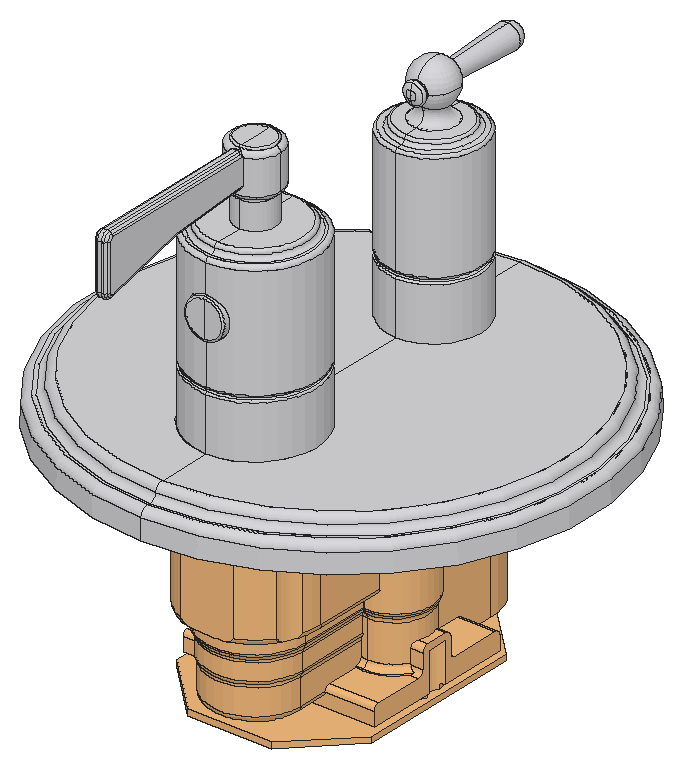
Revit family "Shower-Valve_Trim-KOHLER-MODULO-K-72817T_1", category Plumbing Fixtures, host Face, Revit 2017 (continued)
Definition of nested family "K-72817T"
  Lines and regions (in)
    symbolic lines, detail levels medium+fine
      curve 102: line (0, -0.72842, -3.02982) -> (0, -0.72842, -2.97463)
      curve 103: arc (0, 0.21649, -3.02982) -> (0, -0.00014, -3.01895) -> (0, -0.21677, -3.02982) r 2.16493
      curve 104: line (0, 0.1496, -2.95502) -> (0, 0.1496, -2.40384)
      curve 105: line (0, -0.14959, -2.40384) -> (0, 0.1496, -2.40384)
      curve 106: line (0, -0.14959, -2.40384) -> (0, -0.14959, -2.95502)
      curve 107: line (0, 1.12955, -2.7487) -> (0, 1.12955, -2.944)
      curve 108: line (0, 1.00921, -2.76811) -> (0, 1.00921, -2.93114)
      curve 109: line (0, 1.20799, -2.94922) -> (0, 1.20799, -2.74819)
      curve 110: line (0, 1.05201, -2.5922) -> (0, 1.01769, -2.5922)
      curve 111: line (0, 0.31639, -2.70275) -> (0, 0.77794, -2.70275)
      curve 112: line (0, 1.10162, -2.75985) -> (0, 1.10162, -2.93305)
      curve 113: line (0, 0.55594, -2.67089) -> (0, 0.7222, -2.67089)
      curve 114: line (0, 0.31635, -2.68552) -> (0, 0.72805, -2.68552)
      curve 115: arc (0, 1.08837, -2.71749) -> (0, 1.09823, -2.73766) -> (0, 1.10162, -2.75985) r 0.07432
      curve 116: arc (0, 1.08837, -2.68005) -> (0, 1.11847, -2.70867) -> (0, 1.12955, -2.7487) r 0.07781
      curve 117: line (0, 1.08837, -2.71749) -> (0, 1.08837, -2.63968)
      curve 118: arc (0, 1.08837, -2.63968) -> (0, 1.00406, -2.58689) -> (0, 0.90529, -2.57503) r 0.22793
      curve 119: arc (0, 0.7222, -2.63968) -> (0, 0.80652, -2.58689) -> (0, 0.90529, -2.57503) r 0.22793
      curve 120: line (0, 0.7222, -2.63968) -> (0, 1.08837, -2.63968)
      curve 121: line (0, 0.79288, -2.5922) -> (0, 0.47654, -2.5922)
      curve 122: line (0, 0.47758, -2.05107) -> (0, 0.47758, -2.59253)
      curve 123: line (0, 0.55399, -2.67089) -> (0, 0.55399, -2.05107)
      curve 124: arc (0, 0.47758, -2.59253) -> (0, 0.50053, -2.64794) -> (0, 0.55594, -2.67089) r 0.07836
      curve 125: arc (0, 0.55399, -2.05107) -> (0, 0.5875, -1.99179) -> (0, 0.60458, -1.92586) r 0.26163
      curve 126: line (0, 0.60458, -1.92586) -> (0, 0.60457, -1.23203)
      curve 127: line (0, 0.52781, -1.23203) -> (0, 0.52781, -1.92352)
      curve 128: arc (0, 0.52781, -1.92352) -> (0, 0.52488, -1.94446) -> (0, 0.51632, -1.96378) r 0.07629
      curve 129: arc (0, 0.51632, -1.96378) -> (0, 0.49393, -2.00609) -> (0, 0.47758, -2.05107) r 0.34663
      curve 130: arc (0, 0.60457, -1.23203) -> (0, 0.62695, -1.18783) -> (0, 0.63482, -1.13892) r 0.16096
      curve 131: arc (0, 0.53792, -1.19245) -> (0, 0.53038, -1.2116) -> (0, 0.52781, -1.23203) r 0.08249
      curve 132: arc (0, 0.5577, -1.13852) -> (0, 0.54982, -1.16622) -> (0, 0.53792, -1.19245) r 0.19357
      curve 133: line (0, 0.63482, -1.13892) -> (0, 0.63483, -0.91357)
      curve 134: line (0, 0.5577, -1.13852) -> (0, 0.5577, -0.91357)
      curve 135: arc (0, 0.5577, -0.91357) -> (0, 0.56056, -0.84816) -> (0, 0.5691, -0.78325) r 0.75046
      curve 136: arc (0, 0.63483, -0.91357) -> (0, 0.6384, -0.87317) -> (0, 0.64902, -0.83402) r 0.23011
      curve 137: line (0, -0.65204, -0.4349) -> (0, -2.38188, -0.4349)
      curve 138: line (0, -2.25413, -0.45502) -> (0, -0.67216, -0.45502)
      curve 139: arc (0, -0.77729, -0.50366) -> (0, -1.51572, -0.52398) -> (0, -2.25413, -0.50328) r 13.30041
      curve 140: arc (0, -0.91291, -0.59132) -> (0, -1.58626, -0.6031) -> (0, -2.25953, -0.58748) r 16.5561
      curve 141: arc (0, -2.25953, -0.58748) -> (0, -2.28904, -0.58294) -> (0, -2.31686, -0.57212) r 0.13706
      curve 142: arc (0, -0.69887, -0.57337) -> (0, -0.80539, -0.58829) -> (0, -0.91291, -0.59132) r 0.96942
      curve 143: line (0, -0.74318, -1.70673) -> (0, -0.74318, -0.60278)
      curve 144: line (0, -0.77925, -1.6262) -> (0, -0.77925, -0.68147)
      curve 145: line (0, -1.03176, -0.68147) -> (0, -1.03176, -1.6262)
      curve 146: line (0, -1.06784, -0.59646) -> (0, -1.06784, -1.70676)
      curve 147: line (0, -2.05986, -1.63017) -> (0, -2.05986, -0.67582)
      curve 148: line (0, -0.15924, -2.33967) -> (0, 0.15924, -2.33967)
      curve 149: line (0, -0.59707, -0.65974) -> (0, 0.5687, -0.65974)
      curve 150: line (0, 0.5212, -0.56176) -> (0, -0.52021, -0.56176)
      curve 151: line (0, 0.53191, -0.57247) -> (0, 0.53191, -0.64633)
      curve 152: line (0, 0.53191, -0.64633) -> (0, 0.50314, -0.65974)
      curve 153: arc (0, 1.63765, -0.91357) -> (0, 2.00992, -0.91289) -> (0, 2.38189, -0.89769) r 9.5377
      curve 154: line (0, 0.5577, -0.91357) -> (0, 1.63765, -0.91357)
      curve 155: arc (0, 0.47758, -2.59253) -> (0, 0.37713, -2.60147) -> (0, 0.2763, -2.60308) r 1.38505
      curve 156: line (0, 0.2763, -2.60308) -> (0, 0.2763, -2.39819)
      curve 157: arc (0, 0.13867, -2.2434) -> (0, 0.23993, -2.29195) -> (0, 0.2763, -2.39819) r 0.14525
      curve 158: arc (0, 0.13867, -2.2434) -> (0, 0.00637, -2.24498) -> (0, -0.12593, -2.24275) r 4.58935
      curve 159: line (0, -0.2763, -2.38849) -> (0, -0.2763, -2.60308)
      curve 160: arc (0, -0.12593, -2.24275) -> (0, -0.23197, -2.28378) -> (0, -0.2763, -2.38849) r 0.14581
      curve 161: arc (0, 1.20799, -2.74819) -> (0, 1.16231, -2.63789) -> (0, 1.05201, -2.5922) r 0.15598
      curve 162: arc (0, 1.00921, -2.7636) -> (0, 1.00007, -2.73669) -> (0, 0.97882, -2.71782) r 0.05558
      curve 163: line (0, 1.08837, -2.71782) -> (0, 0.7927, -2.71782)
      curve 164: arc (0, 0.72805, -2.68552) -> (0, 0.76418, -2.69404) -> (0, 0.7927, -2.71782) r 0.08087
      curve 165: line (0, 0.22165, -2.40208) -> (0, 0.22165, -2.60801)
      curve 166: arc (0, 0.15924, -2.33967) -> (0, 0.20337, -2.35795) -> (0, 0.22165, -2.40208) r 0.06241
      curve 167: arc (0, 0.22165, -2.60801) -> (0, 0.2494, -2.675) -> (0, 0.31639, -2.70275) r 0.09474
      curve 168: line (0, 0.23888, -2.39973) -> (0, 0.23888, -2.60805)
      curve 169: arc (0, 0.23888, -2.60805) -> (0, 0.26157, -2.66283) -> (0, 0.31635, -2.68552) r 0.07747
      curve 170: arc (0, 0.16292, -2.32207) -> (0, -0.00047, -2.32432) -> (0, -0.16385, -2.32203) r 5.87315
      curve 171: arc (0, 0.15919, -2.32217) -> (0, 0.2154, -2.34413) -> (0, 0.23888, -2.39973) r 0.07759
      curve 172: line (0, -0.1496, -2.95502) -> (0, -0.1496, -2.40384)
      curve 173: line (0, -1.12955, -2.7487) -> (0, -1.12955, -2.944)
      curve 174: line (0, -1.00921, -2.76811) -> (0, -1.00921, -2.93114)
      curve 175: line (0, -0.31639, -2.70275) -> (0, -0.77794, -2.70275)
      curve 176: line (0, -1.10162, -2.75985) -> (0, -1.10162, -2.93305)
      curve 177: line (0, -0.55399, -2.67089) -> (0, -0.7222, -2.67089)
      curve 178: line (0, -0.31635, -2.68552) -> (0, -0.72805, -2.68552)
      curve 179: arc (0, -1.08837, -2.71749) -> (0, -1.09823, -2.73766) -> (0, -1.10162, -2.75985) r 0.07432
      curve 180: arc (0, -1.08837, -2.68005) -> (0, -1.11847, -2.70867) -> (0, -1.12955, -2.7487) r 0.07781
      curve 181: line (0, -1.08837, -2.71749) -> (0, -1.08837, -2.63968)
      curve 182: arc (0, -1.08837, -2.63968) -> (0, -1.00406, -2.58689) -> (0, -0.90529, -2.57503) r 0.22793
      curve 183: arc (0, -0.7222, -2.63968) -> (0, -0.80652, -2.58689) -> (0, -0.90529, -2.57503) r 0.22793
      curve 184: line (0, -0.7222, -2.63968) -> (0, -1.08837, -2.63968)
      curve 185: arc (0, -0.46893, -2.59359) -> (0, -0.37278, -2.60169) -> (0, -0.2763, -2.60308) r 1.38505
      curve 186: arc (0, -0.13867, -2.2434) -> (0, -0.23996, -2.29199) -> (0, -0.2763, -2.3983) r 0.14525
      curve 187: arc (0, -1.00921, -2.7636) -> (0, -1.00007, -2.73669) -> (0, -0.97882, -2.71782) r 0.05558
      curve 188: line (0, -1.08837, -2.71782) -> (0, -0.7927, -2.71782)
      curve 189: arc (0, -0.72805, -2.68552) -> (0, -0.76418, -2.69404) -> (0, -0.7927, -2.71782) r 0.08087
      curve 190: line (0, -0.22165, -2.40208) -> (0, -0.22165, -2.60801)
      curve 191: arc (0, -0.15924, -2.33967) -> (0, -0.20337, -2.35795) -> (0, -0.22165, -2.40208) r 0.06241
      curve 192: arc (0, -0.22165, -2.60801) -> (0, -0.2494, -2.675) -> (0, -0.31639, -2.70275) r 0.09474
      curve 193: line (0, -0.23888, -2.39973) -> (0, -0.23888, -2.60805)
      curve 194: arc (0, -0.23888, -2.60805) -> (0, -0.26157, -2.66283) -> (0, -0.31635, -2.68552) r 0.07747
      curve 195: arc (0, -0.15919, -2.32217) -> (0, -0.2154, -2.34413) -> (0, -0.23888, -2.39973) r 0.07759
      curve 196: line (0, 0.7222, -2.63968) -> (0, 0.7222, -2.68552)
      curve 197: line (0, -0.7222, -2.63968) -> (0, -0.7222, -2.68552)
      curve 198: line (0, -0.57563, -2.38556) -> (0, -2.15565, -2.38556)
      curve 199: line (0, -2.1661, -2.34619) -> (0, -0.56431, -2.34619)
      curve 200: line (0, -0.57413, -2.33159) -> (0, -2.17332, -2.33159)
      curve 201: line (0, -2.18565, -2.29222) -> (0, -0.57304, -2.29222)
      curve 202: line (0, -2.18565, -2.05108) -> (0, 0.55399, -2.05108)
      curve 203: line (0, -2.19617, -2.01155) -> (0, -0.57217, -2.01155)
      curve 204: line (0, -2.2256, -1.96285) -> (0, -0.59754, -1.96285)
      curve 205: line (0, -2.23448, -1.92348) -> (0, 0.60458, -1.92348)
      curve 206: line (0, -0.61814, -1.78549) -> (0, -1.51574, -1.78549)
      curve 207: line (0, -0.61635, -1.70672) -> (0, -1.51574, -1.7068)
      curve 208: line (0, -0.5288, -1.96285) -> (0, 0.51689, -1.96285)
      curve 209: line (0, -0.50072, -2.01163) -> (0, 0.49153, -2.01163)
      curve 210: arc (0, -0.5288, -1.96285) -> (0, -0.56317, -1.95415) -> (0, -0.59754, -1.96285) r 0.0722
      curve 211: arc (0, -0.5051, -2.01172) -> (0, -0.53862, -2.00462) -> (0, -0.57217, -2.01155) r 0.08369
      curve 212: line (0, -1.51574, -2.8369) -> (0, -1.23592, -2.8369)
      curve 213: line (0, -1.22293, -2.75821) -> (0, -1.51574, -2.75821)
      curve 214: arc (0, -1.51574, -2.75821) -> (0, -1.83603, -2.76338) -> (0, -2.15598, -2.77888) r 9.92824
      curve 215: arc (0, -2.07676, -2.85659) -> (0, -1.79643, -2.84183) -> (0, -1.51574, -2.8369) r 8.0033
      curve 216: line (0, -0.59707, -1.13843) -> (0, -0.59707, -0.65974)
      curve 217: line (0, -0.5648, -1.23813) -> (0, -0.56481, -1.6262)
      curve 218: line (0, -0.49308, -1.6262) -> (0, -0.49308, -1.22359)
      curve 219: arc (0, -0.53928, -1.78483) -> (0, -0.50487, -1.70881) -> (0, -0.49308, -1.6262) r 0.29549
      curve 220: arc (0, -0.56481, -1.6262) -> (0, -0.57928, -1.67443) -> (0, -0.61793, -1.70672) r 0.08758
      curve 221: line (0, -0.53928, -1.92348) -> (0, -0.53928, -1.78378)
      curve 222: line (0, -0.61814, -1.78549) -> (0, -0.61814, -1.92348)
      curve 223: arc (0, -0.53928, -1.78378) -> (0, -0.56185, -1.72928) -> (0, -0.61635, -1.70672) r 0.07706
      curve 224: line (0, -0.49308, -1.6262) -> (0, -1.78803, -1.6262)
      curve 225: arc (0, -2.05986, -1.63017) -> (0, -2.21537, -1.63611) -> (0, -2.37076, -1.64473) r 9.05727
      curve 226: line (0, -1.78803, -1.6262) -> (0, -1.78803, -0.67582)
      curve 227: arc (0, -1.78803, -0.67582) -> (0, -1.8076, -0.62858) -> (0, -1.85484, -0.60902) r 0.06681
      curve 228: arc (0, -1.85484, -0.60902) -> (0, -1.9161, -0.60383) -> (0, -1.97736, -0.60902) r 0.36422
      curve 229: arc (0, -1.97736, -0.60902) -> (0, -2.03058, -0.62764) -> (0, -2.05986, -0.67582) r 0.08356
      curve 230: arc (0, -1.78803, -1.63017) -> (0, -1.8076, -1.67741) -> (0, -1.85484, -1.69698) r 0.06681
      curve 231: arc (0, -1.85484, -1.69698) -> (0, -1.9161, -1.70216) -> (0, -1.97736, -1.69698) r 0.36422
      curve 232: arc (0, -1.97736, -1.69698) -> (0, -2.03058, -1.67835) -> (0, -2.05986, -1.63017) r 0.08356
      curve 233: line (0, -0.52474, -1.13843) -> (0, -0.52474, -0.68269)
      curve 234: arc (0, -1.03176, -1.6262) -> (0, -1.04069, -1.66997) -> (0, -1.06605, -1.70676) r 0.1118
      curve 235: arc (0, -0.74318, -1.70673) -> (0, -0.76982, -1.67032) -> (0, -0.77925, -1.6262) r 0.10793
      curve 236: arc (0, -1.06784, -0.60278) -> (0, -1.04121, -0.63819) -> (0, -1.03176, -0.68147) r 0.10387
      curve 237: arc (0, -0.77925, -0.68147) -> (0, -0.76981, -0.63819) -> (0, -0.74318, -0.60278) r 0.10387
      curve 238: line (0, 0.63482, -1.13843) -> (0, -0.59707, -1.13843)
      curve 239: line (0, 0.6137, -1.2178) -> (0, 0.54482, -1.17854)
      curve 240: line (0, 0.54525, -1.17756) -> (0, -0.5101, -1.17756)
      curve 241: arc (0, -0.5648, -1.23813) -> (0, -0.59057, -1.19145) -> (0, -0.59967, -1.13892) r 0.16096
      curve 242: arc (0, -0.50277, -1.19245) -> (0, -0.49637, -1.20754) -> (0, -0.49308, -1.22359) r 0.08249
      curve 243: arc (0, -0.52256, -1.13843) -> (0, -0.51468, -1.16618) -> (0, -0.50277, -1.19245) r 0.19357
      curve 244: line (0, -0.57854, -1.2178) -> (0, -0.50966, -1.17854)
      curve 245: line (0, 0.60457, -1.23203) -> (0, -0.56682, -1.23203)
      curve 246: line (0, 0.60457, -1.23203) -> (0, 0.53792, -1.19245)
      curve 247: line (0, 0.53792, -1.19245) -> (0, -0.50277, -1.19245)
      curve 248: line (0, -0.50277, -1.19245) -> (0, -0.56682, -1.23203)
      curve 249: arc (0, 0.55399, -2.67089) -> (0, 0.43763, -2.67941) -> (0, 0.32101, -2.68258) r 2.53753
      curve 250: line (0, 0.24182, -2.39881) -> (0, 0.24182, -2.60372)
      curve 251: arc (0, 0.32101, -2.68258) -> (0, 0.26503, -2.65959) -> (0, 0.24182, -2.60372) r 0.07886
      curve 252: arc (0, -0.55399, -2.67089) -> (0, -0.43763, -2.67941) -> (0, -0.32101, -2.68258) r 2.53753
      curve 253: line (0, -0.24182, -2.39785) -> (0, -0.24182, -2.60372)
      curve 254: arc (0, -0.32101, -2.68258) -> (0, -0.26503, -2.65959) -> (0, -0.24182, -2.60372) r 0.07886
      curve 255: arc (0, 0.16292, -2.32207) -> (0, 0.21858, -2.34378) -> (0, 0.24182, -2.39881) r 0.07678
      curve 256: arc (0, -0.16385, -2.32203) -> (0, -0.21885, -2.34348) -> (0, -0.24182, -2.39785) r 0.07585
      curve 257: arc (0, 0.15919, -2.32217) -> (0, 0.14717, -2.30569) -> (0, 0.14227, -2.28589) r 0.05299
      curve 258: arc (0, 0.14227, -2.28589) -> (0, 0.13946, -2.26473) -> (0, 0.13867, -2.2434) r 0.22339
      curve 259: arc (0, 0.12871, -2.32292) -> (0, 0.11611, -2.30619) -> (0, 0.11097, -2.28589) r 0.05299
      curve 260: arc (0, 0.11097, -2.28589) -> (0, 0.10819, -2.26509) -> (0, 0.10737, -2.24412) r 0.22339
      curve 261: arc (0, -0.15919, -2.32217) -> (0, -0.14717, -2.30569) -> (0, -0.14227, -2.28589) r 0.05299
      curve 262: arc (0, -0.14227, -2.28589) -> (0, -0.13946, -2.26473) -> (0, -0.13867, -2.2434) r 0.22339
      curve 263: arc (0, -0.12871, -2.32291) -> (0, -0.11611, -2.30619) -> (0, -0.11097, -2.28589) r 0.05299
      curve 264: arc (0, -0.11097, -2.28589) -> (0, -0.10815, -2.26468) -> (0, -0.10738, -2.24329) r 0.22339
      curve 265: line (0, 2.0541, -2.95294) -> (0, 2.0541, -1.77391)
      curve 266: line (0, 1.82066, -2.94991) -> (0, 1.82066, -1.77391)
      curve 267: line (0, 1.82066, -1.77391) -> (0, 2.0541, -1.77391)
      curve 268: line (0, 1.23878, -0.8684) -> (0, 2.32257, -0.8684)
      curve 269: arc (0, 1.23878, -0.8684) -> (0, 1.18949, -0.84459) -> (0, 1.1356, -0.83488) r 0.20203
      curve 270: arc (0, 1.1356, -0.83488) -> (0, 1.06656, -0.83201) -> (0, 0.9975, -0.82924) r 45.25604
      curve 271: line (0, 0.5687, -0.74196) -> (0, 0.5687, -0.65974)
      curve 272: line (0, 0.57489, -0.75619) -> (0, 0.63249, -0.7332)
      curve 273: line (0, 0.5687, -0.67954) -> (0, 0.63249, -0.65407)
      curve 274: line (0, 0.71093, -0.81189) -> (0, 0.6541, -0.83457)
      curve 275: line (0, 0.66161, -0.83488) -> (0, 1.1356, -0.83488)
      curve 276: arc (0, 0.5687, -0.74196) -> (0, 0.59591, -0.80766) -> (0, 0.66161, -0.83488) r 0.09291
      curve 277: line (0, -0.59707, -0.68149) -> (0, -0.77944, -0.68149)
      curve 278: line (0, -0.77944, -0.68149) -> (0, -1.02944, -0.68149)
      curve 279: line (0, -1.02944, -0.68149) -> (0, -1.78803, -0.68149)
      curve 280: arc (0, -2.35195, -0.66456) -> (0, -2.20595, -0.67137) -> (0, -2.05986, -0.67582) r 9.08051
      curve 281: arc (0, -2.35195, -0.66456) -> (0, -2.36959, -0.66211) -> (0, -2.38188, -0.64922) r 0.02706
      curve 282: line (0, -0.53182, -0.57337) -> (0, -0.53182, -0.63761)
      curve 283: line (0, -0.50969, -0.65974) -> (0, -0.53182, -0.63761)
      curve 284: arc (0, -0.52474, -0.68269) -> (0, -0.5236, -0.67099) -> (0, -0.52021, -0.65974) r 0.06033
      curve 285: arc (0, 0.5687, -0.67954) -> (0, -0.01419, -0.684) -> (0, -0.59707, -0.67954) r 38.01423
      curve 286: line (0, -0.57304, -2.05108) -> (0, -0.57304, -2.29222)
      curve 287: line (0, -0.57563, -2.58723) -> (0, -0.57563, -2.38556)
      curve 288: line (0, -0.57563, -2.38556) -> (0, -0.57304, -2.29222)
      curve 289: line (0, -0.49719, -2.58723) -> (0, -0.49719, -2.38556)
      curve 290: line (0, -0.4946, -2.29222) -> (0, -0.4946, -2.05108)
      curve 291: arc (0, -0.56431, -2.34619) -> (0, -0.5254, -2.35676) -> (0, -0.49719, -2.38556) r 0.07691
      curve 292: arc (0, -0.49644, -2.37097) -> (0, -0.53058, -2.342) -> (0, -0.57413, -2.33159) r 0.09633
      curve 293: arc (0, -0.57304, -2.29222) -> (0, -0.53231, -2.28622) -> (0, -0.49464, -2.30285) r 0.07425
      curve 294: arc (0, -0.49719, -2.38556) -> (0, -0.49525, -2.33891) -> (0, -0.4946, -2.29222) r 1.68756
      curve 295: line (0, -0.7222, -2.66505) -> (0, -0.57501, -2.66505)
      curve 296: arc (0, -0.57501, -2.66505) -> (0, -0.51998, -2.64226) -> (0, -0.49719, -2.58723) r 0.07783
      curve 297: line (0, -0.49719, -2.58723) -> (0, -0.80557, -2.58723)
      curve 298: line (0, -1.06502, -2.58636) -> (0, -1.00254, -2.58636)
      curve 299: arc (0, -1.06502, -2.58636) -> (0, -1.17646, -2.63252) -> (0, -1.22262, -2.74396) r 0.1576
      curve 300: arc (0, -1.22262, -2.74396) -> (0, -1.22596, -2.79091) -> (0, -1.23592, -2.8369) r 0.33149
      curve 301: arc (0, -1.08837, -2.66893) -> (0, -1.12916, -2.69654) -> (0, -1.14445, -2.74335) r 0.07597
      curve 302: arc (0, -1.14445, -2.74335) -> (0, -1.14709, -2.82977) -> (0, -1.15748, -2.9156) r 0.96176
      curve 303: arc (0, -1.15748, -2.9156) -> (0, -1.18058, -2.85982) -> (0, -1.23636, -2.83672) r 0.07888
      curve 304: line (0, -1.15748, -2.9156) -> (0, -1.20644, -2.93538)
      curve 305: line (0, -1.23592, -2.8369) -> (0, -1.28524, -2.85659)
      curve 306: arc (0, 1.00921, -2.93114) -> (0, 1.00222, -2.94802) -> (0, 0.98533, -2.95502) r 0.02388
      curve 307: arc (0, 1.20799, -2.94922) -> (0, 1.15355, -2.94936) -> (0, 1.10162, -2.93305) r 0.17806
      curve 308: line (0, 1.00921, -2.93114) -> (0, 1.10162, -2.93305)
      curve 309: line (0, 1.20799, -2.74819) -> (0, 1.13073, -2.74819)
      curve 310: line (0, 1.13073, -2.74819) -> (0, 1.10162, -2.75985)
      curve 311: line (0, -1.00921, -2.93114) -> (0, -1.10162, -2.93305)
      curve 312: line (0, -1.22362, -2.7433) -> (0, -1.14292, -2.7433)
      curve 313: line (0, -1.14292, -2.7433) -> (0, -1.10162, -2.75985)
      curve 314: line (0, -1.06551, -2.61991) -> (0, -1.06551, -2.58661)
      curve 315: arc (0, 0.78516, -2.95502) -> (0, 0.74775, -2.99242) -> (0, 0.78516, -3.02982) r 0.0374
      curve 316: arc (0, -0.78516, -2.95502) -> (0, -0.74775, -2.99242) -> (0, -0.78516, -3.02982) r 0.0374
      curve 317: line (0, -0.49719, -2.58723) -> (0, -0.46893, -2.59359)
      curve 318: line (0, 1.63777, -2.94922) -> (0, 1.63777, -0.8684)
      curve 319: line (0, -0.62174, -0.60278) -> (0, -0.74318, -0.60278)
      curve 320: arc (0, -0.59707, -0.65974) -> (0, -0.60646, -0.62999) -> (0, -0.62174, -0.60278) r 0.15154
      curve 321: line (0, -0.74318, -0.60278) -> (0, -1.51884, -0.60278)
      curve 322: arc (0, -1.51574, -1.7068) -> (0, -1.90554, -1.71068) -> (0, -2.29517, -1.72226) r 19.7451
      curve 323: arc (0, -1.51574, -1.78549) -> (0, -1.87533, -1.79206) -> (0, -2.23443, -1.81177) r 9.84117
      curve 324: line (0, -2.37076, -1.64473) -> (0, -2.37076, -0.66147)
      curve 325: line (0, -2.35195, -1.64311) -> (0, -2.35195, -0.66456)
      curve 326: arc (0, -2.28515, -1.72187) -> (0, -2.333, -1.69475) -> (0, -2.35195, -1.64311) r 0.07983
      curve 327: arc (0, -2.28515, -1.72187) -> (0, -2.34512, -1.70235) -> (0, -2.37076, -1.64473) r 0.07756
      curve 328: arc (0, -2.29517, -1.72226) -> (0, -2.3144, -1.72424) -> (0, -2.33322, -1.7286) r 0.15427
      curve 329: line (0.66957, 0, 0) -> (0.66957, 0, -0.75029)
      curve 330: line (1.27167, 0, -0.56156) -> (0.66957, 0, -0.56156)
      curve 331: line (0.66957, 0, -0.57221) -> (1.28232, 0, -0.57221)
      curve 332: line (0.66957, 0, -0.63682) -> (1.28206, 0, -0.63682)
      curve 333: line (0.66957, 0, -0.64792) -> (1.28206, 0, -0.64792)
      curve 334: line (0.66957, 0, -0.65925) -> (1.28206, 0, -0.65925)
      curve 335: line (0.79878, 0, -0.68497) -> (1.31921, 0, -0.68497)
      curve 336: arc (0.66957, 0, -0.68046) -> (0.73413, 0, -0.68384) -> (0.79878, 0, -0.68497) r 1.85232
      curve 337: line (0.79878, 0, -0.7747) -> (0.79878, 0, -0.65925)
      curve 338: line (0.71533, 0, -0.75029) -> (0.00027, 0, -0.75029)
      curve 339: line (0.87016, 0, -0.90512) -> (0.87016, 0, -1.19271)
      curve 340: arc (0.87016, 0, -0.90512) -> (0.82481, 0, -0.79564) -> (0.71533, 0, -0.75029) r 0.15483
      curve 341: line (0.72951, 0, -0.83455) -> (0.00028, 0, -0.83455)
      curve 342: line (0.80808, 0, -2.95198) -> (0.80808, 0, -0.91312)
      curve 343: arc (0.80808, 0, -0.91312) -> (0.78507, 0, -0.85756) -> (0.72951, 0, -0.83455) r 0.07857
      curve 344: line (0.65034, 0, -0.83455) -> (0.65034, 0, -0.75029)
      curve 345: line (0.80808, 0, -0.91312) -> (0.29981, 0, -0.89537)
      curve 346: line (0.80808, 0, -0.91312) -> (0.87016, 0, -0.91312)
      curve 347: arc (0.7661, 0, -0.84359) -> (0.78221, 0, -0.8092) -> (0.80154, 0, -0.77651) r 0.39647
      curve 348: arc (0.7321, 0, -0.83459) -> (0.72753, 0, -0.79549) -> (0.7321, 0, -0.75639) r 0.16948
      curve 349: line (0.24757, 0, -0.86846) -> (0.79416, 0, -0.86846)
      curve 350: line (0.30326, 0, -2.44776) -> (0.30326, 0, -0.92298)
      curve 351: arc (0.30326, 0, -0.92298) -> (0.29967, 0, -0.89482) -> (0.28913, 0, -0.86846) r 0.11222
      curve 352: arc (0.30326, 0, -0.92298) -> (0.28192, 0, -0.89053) -> (0.24948, 0, -0.8692) r 0.09596
      curve 353: arc (0.24948, 0, -0.8692) -> (0.12596, 0, -0.84393) -> (0, 0, -0.83856) r 0.7927
      curve 354: line (0.30326, 0, -1.19237) -> (0.39185, 0, -1.19237)
      curve 355: line (0.39185, 0, -1.19237) -> (0.39185, 0, -2.44983)
      curve 356: line (1.3185, 0, -1.13838) -> (0.80808, 0, -1.13838)
      curve 357: line (1.30848, 0, -1.17752) -> (0.87156, 0, -1.17752)
      curve 358: arc (0.87156, 0, -1.17752) -> (0.8353, 0, -1.18686) -> (0.80808, 0, -1.21257) r 0.07501
      curve 359: line (1.30095, 0, -1.19271) -> (0.87131, 0, -1.19271)
      curve 360: arc (0.87131, 0, -1.19271) -> (0.83409, 0, -1.20333) -> (0.80808, 0, -1.23199) r 0.07053
      curve 361: line (1.28952, 0, -1.23199) -> (0.80808, 0, -1.23199)
      curve 362: line (1.28952, 0, -1.92352) -> (0.80808, 0, -1.92352)
      curve 363: line (1.27918, 0, -1.96285) -> (0.87111, 0, -1.96285)
      curve 364: arc (0.87111, 0, -1.96285) -> (0.83481, 0, -1.97249) -> (0.80808, 0, -1.99887) r 0.07316
      curve 365: line (1.25152, 0, -2.01172) -> (0.87153, 0, -2.01172)
      curve 366: arc (0.87153, 0, -2.01172) -> (0.8342, 0, -2.02236) -> (0.80808, 0, -2.05107) r 0.07084
      curve 367: line (1.24173, 0, -2.05107) -> (0.80808, 0, -2.05107)
      curve 368: line (1.21867, 0, -2.39825) -> (1.21867, 0, -2.57595)
      curve 369: line (1.15626, 0, -2.39825) -> (1.15626, 0, -2.57438)
      curve 370: arc (1.30295, 0, -2.3225) -> (1.24393, 0, -2.34159) -> (1.21867, 0, -2.39825) r 0.07618
      curve 371: arc (1.19816, 0, -2.25905) -> (1.16696, 0, -2.32557) -> (1.15626, 0, -2.39825) r 0.25221
      curve 372: arc (1.24095, 0, -2.24522) -> (1.21713, 0, -2.24465) -> (1.19816, 0, -2.25905) r 0.03606
      curve 373: arc (1.34455, 0, -2.63968) -> (1.26221, 0, -2.58672) -> (1.165, 0, -2.57509) r 0.21814
      curve 374: arc (1.165, 0, -2.57509) -> (1.0648, 0, -2.58686) -> (0.97885, 0, -2.63968) r 0.23428
      curve 375: line (1.34455, 0, -2.63968) -> (0.97885, 0, -2.63968)
      curve 376: line (1.34455, 0, -2.63968) -> (1.34455, 0, -2.68534)
      curve 377: line (1.34455, 0, -2.68534) -> (1.01549, 0, -2.68534)
      curve 378: line (0.97885, 0, -2.63968) -> (0.97885, 0, -2.67426)
      curve 379: line (1.30295, 0, -2.60689) -> (1.30295, 0, -2.4012)
      curve 380: line (1.21867, 0, -2.39825) -> (1.30295, 0, -2.4012)
      curve 381: line (1.30295, 0, -2.4012) -> (1.34814, 0, -2.4012)
      curve 382: line (1.30295, 0, -2.4012) -> (1.30295, 0, -2.3225)
      curve 383: line (1.34814, 0, -2.60689) -> (1.30295, 0, -2.60689)
      curve 384: line (1.34814, 0, -2.71886) -> (1.05381, 0, -2.71886)
      curve 385: arc (1.05381, 0, -2.71886) -> (1.02114, 0, -2.68847) -> (0.97885, 0, -2.67426) r 0.10572
      curve 386: line (1.34814, 0, -2.76366) -> (0.87779, 0, -2.74723)
      curve 387: line (0.87779, 0, -2.74723) -> (0.80808, 0, -2.74723)
      curve 388: line (0.97885, 0, -2.67426) -> (0.8844, 0, -2.67426)
      curve 389: line (1.03581, 0, -2.59916) -> (0.86781, 0, -2.59226)
      curve 390: line (0.86781, 0, -2.59226) -> (0.80808, 0, -2.59226)
      curve 391: line (1.19925, 0, -2.71886) -> (1.19925, 0, -2.95502)
      curve 392: line (1.34814, 0, -2.92996) -> (0.87996, 0, -2.94426)
      curve 393: arc (0.87996, 0, -2.94426) -> (0.84387, 0, -2.94675) -> (0.80808, 0, -2.95198) r 0.47289
      curve 394: line (1.28446, 0, -2.95502) -> (0, 0, -2.95502)
      curve 395: arc (0.8802, 0, -2.95502) -> (0.84411, 0, -2.95426) -> (0.80808, 0, -2.95198) r 0.85909
      curve 396: arc (0.23315, 0, -1.23199) -> (0.11686, 0, -1.24431) -> (0, 0, -1.24843) r 1.6636
      curve 397: arc (0.30326, 0, -1.19237) -> (0.27195, 0, -1.21881) -> (0.23315, 0, -1.23199) r 0.11029
      curve 398: arc (0.23315, 0, -1.23199) -> (0.31467, 0, -1.22087) -> (0.39185, 0, -1.19237) r 0.3779
      curve 399: line (0.39185, 0, -1.19237) -> (0.35646, 0, -1.23199)
      curve 400: arc (0.19256, 0, -1.27339) -> (0.27701, 0, -1.26259) -> (0.35646, 0, -1.23199) r 0.35509
      curve 401: arc (0, 0, -1.28191) -> (0.0962, 0, -1.27585) -> (0.19256, 0, -1.27339) r 2.58955
      curve 402: line (0.01473, 0, -2.46202) -> (0.01473, 0, -1.28075)
      curve 403: line (0, 0, -2.4625) -> (0.52453, 0, -2.44554)
      curve 404: line (0, 0, -2.50236) -> (0.35646, 0, -2.48991)
      curve 405: arc (0.35646, 0, -2.48991) -> (0.44298, 0, -2.47714) -> (0.52453, 0, -2.44554) r 0.39263
      curve 406: line (0.35646, 0, -2.52926) -> (0, 0, -2.5417)
      curve 407: arc (0.52453, 0, -2.44554) -> (0.44957, 0, -2.50563) -> (0.35646, 0, -2.52926) r 0.22658
      curve 408: line (0.47327, 0, -2.95502) -> (0.47327, 0, -2.49198)
      curve 409: line (1.0074, 0, -2.97472) -> (0.39821, 0, -2.97472)
      curve 410: arc (0.39821, 0, -2.97472) -> (0.38519, 0, -2.97144) -> (0.37529, 0, -2.96239) r 0.02747
      curve 411: line (0, 0, -2.97436) -> (0.3506, 0, -2.97436)
      curve 412: arc (0.3506, 0, -2.97436) -> (0.36804, 0, -2.96908) -> (0.37962, 0, -2.95502) r 0.03144
      curve 413: line (0.53248, 0, -3.02982) -> (0.53248, 0, -2.97472)
      curve 414: line (0.59154, 0, -3.02982) -> (0.59154, 0, -3.10862)
      curve 415: line (0.21775, 0, -3.02982) -> (0.21775, 0, -2.97436)
      curve 416: line (1.28952, 0, -3.02982) -> (0, 0, -3.02982)
      curve 417: line (0.96522, 0, -2.97472) -> (0.96522, 0, -3.01926)
      curve 418: line (0.96522, 0, -3.01926) -> (0.68851, 0, -3.02982)
      curve 419: arc (0.8844, 0, -2.67426) -> (0.82839, 0, -2.64988) -> (0.80808, 0, -2.59226) r 0.07652
      curve 420: line (0.78616, 0, -2.94997) -> (0.78616, 0, -1.77398)
      curve 421: line (0.68997, 0, -1.77398) -> (0.78616, 0, -1.77398)
      curve 422: line (0.68997, 0, -1.77398) -> (0.68997, 0, -2.95502)
      curve 423: line (0.52453, 0, -2.95502) -> (0.52453, 0, -2.44554)
      curve 424: line (0.87131, 0, -1.19271) -> (0.86932, 0, -1.23199)
      curve 425: line (0.86932, 0, -1.23199) -> (0.86932, 0, -1.92359)
      curve 426: line (0.86781, 0, -2.05113) -> (0.86781, 0, -2.59226)
      curve 427: line (0.86781, 0, -2.05113) -> (0.87033, 0, -2.01188)
      curve 428: line (0.87033, 0, -2.01188) -> (0.87033, 0, -1.96283)
      curve 429: line (0.87033, 0, -1.96283) -> (0.86932, 0, -1.92359)
      curve 430: arc (0.86781, 0, -2.59226) -> (0.872, 0, -2.63409) -> (0.8844, 0, -2.67426) r 0.211
      curve 431: line (-0.66957, 0, 0) -> (-0.66957, 0, -0.75029)
      curve 432: line (-1.2707, 0, -0.56156) -> (-0.66957, 0, -0.56156)
      curve 433: line (-0.66957, 0, -0.57221) -> (-1.28135, 0, -0.57221)
      curve 434: line (-0.66957, 0, -0.63682) -> (-1.28133, 0, -0.63682)
      curve 435: line (-0.66957, 0, -0.64792) -> (-1.28133, 0, -0.64792)
      curve 436: line (-0.66957, 0, -0.65925) -> (-1.28133, 0, -0.65925)
      curve 437: line (-0.80464, 0, -0.68497) -> (-1.3185, 0, -0.68497)
      curve 438: arc (-0.66957, 0, -0.68004) -> (-0.73706, 0, -0.68373) -> (-0.80464, 0, -0.68497) r 1.85232
      curve 439: line (-0.79878, 0, -0.7747) -> (-0.79878, 0, -0.65925)
      curve 440: line (-0.71533, 0, -0.75029) -> (0.00027, 0, -0.75029)
      curve 441: line (-0.87016, 0, -0.90512) -> (-0.87016, 0, -1.13838)
      curve 442: arc (-0.87016, 0, -0.90512) -> (-0.82481, 0, -0.79564) -> (-0.71533, 0, -0.75029) r 0.15483
      curve 443: line (-0.72951, 0, -0.83455) -> (0.00028, 0, -0.83455)
      curve 444: line (-0.80808, 0, -2.95198) -> (-0.80808, 0, -0.91312)
      curve 445: arc (-0.80808, 0, -0.91312) -> (-0.78507, 0, -0.85756) -> (-0.72951, 0, -0.83455) r 0.07857
      curve 446: line (-0.65034, 0, -0.83455) -> (-0.65034, 0, -0.75029)
      curve 447: line (-0.80808, 0, -0.91312) -> (-0.29981, 0, -0.89537)
      curve 448: line (-0.80808, 0, -0.91312) -> (-0.87016, 0, -0.91312)
      curve 449: arc (-0.7661, 0, -0.84359) -> (-0.78221, 0, -0.8092) -> (-0.80154, 0, -0.77651) r 0.39647
      curve 450: arc (-0.7321, 0, -0.83459) -> (-0.72753, 0, -0.79549) -> (-0.7321, 0, -0.75639) r 0.16948
      curve 451: line (-0.24757, 0, -0.86846) -> (-0.79416, 0, -0.86846)
      curve 452: line (-0.30326, 0, -2.44776) -> (-0.30326, 0, -0.92298)
      curve 453: arc (-0.30326, 0, -0.92298) -> (-0.29967, 0, -0.89482) -> (-0.28913, 0, -0.86846) r 0.11222
      curve 454: arc (-0.30326, 0, -0.92298) -> (-0.28192, 0, -0.89053) -> (-0.24948, 0, -0.8692) r 0.09596
      curve 455: arc (-0.24948, 0, -0.8692) -> (-0.12596, 0, -0.84393) -> (0, 0, -0.83856) r 0.7927
      curve 456: line (-0.30326, 0, -1.19237) -> (-0.39185, 0, -1.19237)
      curve 457: line (-0.39185, 0, -1.19237) -> (-0.39185, 0, -2.44983)
      curve 458: line (-1.3185, 0, -1.13838) -> (-0.80808, 0, -1.13838)
      curve 459: line (-1.30848, 0, -1.17752) -> (-0.87156, 0, -1.17752)
      curve 460: arc (-0.87156, 0, -1.17752) -> (-0.8353, 0, -1.18686) -> (-0.80808, 0, -1.21257) r 0.07501
      curve 461: line (-1.30095, 0, -1.19271) -> (-0.87131, 0, -1.19271)
      curve 462: arc (-0.87131, 0, -1.19271) -> (-0.83409, 0, -1.20333) -> (-0.80808, 0, -1.23199) r 0.07053
      curve 463: line (-1.28952, 0, -1.23199) -> (-0.80808, 0, -1.23199)
      curve 464: line (-1.28952, 0, -1.92352) -> (-0.80808, 0, -1.92352)
      curve 465: line (-1.27918, 0, -1.96285) -> (-0.87111, 0, -1.96285)
      curve 466: arc (-0.87111, 0, -1.96285) -> (-0.83481, 0, -1.97249) -> (-0.80808, 0, -1.99887) r 0.07316
      curve 467: line (-1.25152, 0, -2.01172) -> (-0.87153, 0, -2.01172)
      curve 468: arc (-0.87153, 0, -2.01172) -> (-0.8342, 0, -2.02236) -> (-0.80808, 0, -2.05107) r 0.07084
      curve 469: line (-1.24173, 0, -2.05107) -> (-0.80808, 0, -2.05107)
      curve 470: line (-1.21867, 0, -2.39825) -> (-1.21867, 0, -2.57595)
      curve 471: line (-1.15626, 0, -2.39825) -> (-1.15626, 0, -2.57438)
      curve 472: arc (-1.30295, 0, -2.3225) -> (-1.24393, 0, -2.34159) -> (-1.21867, 0, -2.39825) r 0.07618
      curve 473: arc (-1.19816, 0, -2.25905) -> (-1.16696, 0, -2.32557) -> (-1.15626, 0, -2.39825) r 0.25221
      curve 474: arc (-1.24095, 0, -2.24522) -> (-1.21713, 0, -2.24465) -> (-1.19816, 0, -2.25905) r 0.03606
      curve 475: arc (-1.34455, 0, -2.63968) -> (-1.26221, 0, -2.58672) -> (-1.165, 0, -2.57509) r 0.21814
      curve 476: arc (-1.165, 0, -2.57509) -> (-1.0648, 0, -2.58686) -> (-0.97885, 0, -2.63968) r 0.23428
      curve 477: line (-1.34455, 0, -2.63968) -> (-0.97885, 0, -2.63968)
      curve 478: line (-1.34455, 0, -2.63968) -> (-1.34455, 0, -2.68534)
      curve 479: line (-1.34455, 0, -2.68534) -> (-1.01549, 0, -2.68534)
      curve 480: line (-0.97885, 0, -2.63968) -> (-0.97885, 0, -2.67426)
      curve 481: line (-1.30295, 0, -2.60689) -> (-1.30295, 0, -2.4012)
      curve 482: line (-1.21867, 0, -2.39825) -> (-1.30295, 0, -2.4012)
      curve 483: line (-1.30295, 0, -2.4012) -> (-1.34814, 0, -2.4012)
      curve 484: line (-1.30295, 0, -2.4012) -> (-1.30295, 0, -2.3225)
      curve 485: line (-1.34814, 0, -2.60689) -> (-1.30295, 0, -2.60689)
      curve 486: line (-1.34814, 0, -2.71886) -> (-1.05381, 0, -2.71886)
      curve 487: arc (-1.05381, 0, -2.71886) -> (-1.02114, 0, -2.68847) -> (-0.97885, 0, -2.67426) r 0.10572
      curve 488: line (-1.34814, 0, -2.76366) -> (-0.87779, 0, -2.74723)
      curve 489: line (-0.87779, 0, -2.74723) -> (-0.80808, 0, -2.74723)
      curve 490: line (-0.97885, 0, -2.67426) -> (-0.8844, 0, -2.67426)
      curve 491: line (-1.03581, 0, -2.59916) -> (-0.86781, 0, -2.59226)
      curve 492: line (-0.86781, 0, -2.59226) -> (-0.80808, 0, -2.59226)
      curve 493: line (-1.19925, 0, -2.71886) -> (-1.19925, 0, -2.95502)
      curve 494: line (-1.34814, 0, -2.92996) -> (-0.87996, 0, -2.94426)
      curve 495: arc (-0.87996, 0, -2.94426) -> (-0.84387, 0, -2.94675) -> (-0.80808, 0, -2.95198) r 0.47289
      curve 496: line (-1.28446, 0, -2.95502) -> (0, 0, -2.95502)
      curve 497: arc (-0.8802, 0, -2.95502) -> (-0.84411, 0, -2.95426) -> (-0.80808, 0, -2.95198) r 0.85909
      curve 498: arc (-0.23315, 0, -1.23199) -> (-0.11686, 0, -1.24431) -> (0, 0, -1.24843) r 1.6636
      curve 499: arc (-0.30326, 0, -1.19237) -> (-0.27195, 0, -1.21881) -> (-0.23315, 0, -1.23199) r 0.11029
      curve 500: arc (-0.23315, 0, -1.23199) -> (-0.31467, 0, -1.22087) -> (-0.39185, 0, -1.19237) r 0.3779
      curve 501: line (-0.39185, 0, -1.19237) -> (-0.35646, 0, -1.23199)
      curve 502: arc (-0.19256, 0, -1.27339) -> (-0.27701, 0, -1.26259) -> (-0.35646, 0, -1.23199) r 0.35509
      curve 503: arc (0, 0, -1.28191) -> (-0.0962, 0, -1.27585) -> (-0.19256, 0, -1.27339) r 2.58955
      curve 504: line (-0.01473, 0, -2.46202) -> (-0.01473, 0, -1.28075)
      curve 505: line (0, 0, -2.4625) -> (-0.52453, 0, -2.44554)
      curve 506: line (0, 0, -2.50236) -> (-0.35646, 0, -2.48991)
      curve 507: arc (-0.35646, 0, -2.48991) -> (-0.44298, 0, -2.47714) -> (-0.52453, 0, -2.44554) r 0.39263
      curve 508: line (-0.35646, 0, -2.52926) -> (0, 0, -2.5417)
      curve 509: arc (-0.52453, 0, -2.44554) -> (-0.44957, 0, -2.50563) -> (-0.35646, 0, -2.52926) r 0.22658
      curve 510: line (-0.47327, 0, -2.95502) -> (-0.47327, 0, -2.49198)
      curve 511: line (-1.0074, 0, -2.97472) -> (-0.39821, 0, -2.97472)
      curve 512: line (0, 0, -2.97436) -> (-0.3506, 0, -2.97436)
      curve 513: arc (-0.3506, 0, -2.97436) -> (-0.36804, 0, -2.96908) -> (-0.37962, 0, -2.95502) r 0.03144
      curve 514: line (-0.53248, 0, -3.02982) -> (-0.53248, 0, -2.97472)
      curve 515: line (-0.59154, 0, -3.02982) -> (-0.59154, 0, -3.10862)
      curve 516: line (-0.21775, 0, -3.02982) -> (-0.21775, 0, -2.97436)
      curve 517: line (-1.28952, 0, -3.02982) -> (0, 0, -3.02982)
      curve 518: line (-0.96522, 0, -2.97472) -> (-0.96522, 0, -3.01926)
      curve 519: line (-0.96522, 0, -3.01926) -> (-0.68851, 0, -3.02982)
      curve 520: arc (-0.8844, 0, -2.67426) -> (-0.82839, 0, -2.64988) -> (-0.80808, 0, -2.59226) r 0.07652
      curve 521: line (-0.78616, 0, -2.94997) -> (-0.78616, 0, -1.77398)
      curve 522: line (-0.68997, 0, -1.77398) -> (-0.78616, 0, -1.77398)
      curve 523: line (-0.68997, 0, -1.77398) -> (-0.68997, 0, -2.95502)
      curve 524: line (-0.52453, 0, -2.95502) -> (-0.52453, 0, -2.44554)
      curve 525: line (-0.87131, 0, -1.19271) -> (-0.86932, 0, -1.23199)
      curve 526: line (-0.86932, 0, -1.23199) -> (-0.86932, 0, -1.92359)
      curve 527: line (-0.86781, 0, -2.05113) -> (-0.86781, 0, -2.59226)
      curve 528: line (-0.86781, 0, -2.05113) -> (-0.87033, 0, -2.01188)
      curve 529: line (-0.87033, 0, -2.01188) -> (-0.87033, 0, -1.96283)
      curve 530: line (-0.87033, 0, -1.96283) -> (-0.86932, 0, -1.92359)
      curve 531: arc (-0.86781, 0, -2.59226) -> (-0.872, 0, -2.63409) -> (-0.8844, 0, -2.67426) r 0.211
      curve 532: arc (1.04035, 0, -2.95502) -> (1.00295, 0, -2.99242) -> (1.04035, 0, -3.02982) r 0.0374
      curve 533: arc (-1.04035, 0, -2.95502) -> (-1.00295, 0, -2.99242) -> (-1.04035, 0, -3.02982) r 0.0374
      curve 534: arc (0, -0.59707, -2.66505) -> (0, -0.58109, -2.62759) -> (0, -0.57563, -2.58723) r 0.15193
      curve 535: line (0, -0.4946, -2.05108) -> (0, -0.53928, -1.92348)
      curve 536: line (0, -0.57304, -2.05108) -> (0, -0.61814, -1.92348)
      curve 537: arc (0, -1.00921, -2.93114) -> (0, -1.00222, -2.94802) -> (0, -0.98533, -2.95502) r 0.02388
      curve 538: arc (0, -1.20799, -2.94922) -> (0, -1.15355, -2.94936) -> (0, -1.10162, -2.93305) r 0.17806
      curve 546: arc (-0.14156, 2.13005, 0) -> (0, 1.11788, 0) -> (0.14156, 2.13005, 0) r 0.51599
      curve 547: arc (0.2044, 0, 3.29539) -> (0.24533, 0, 3.33771) -> (0.27763, 0, 3.38693) r 0.31417
      curve 548: arc (-0.30513, 0, 3.08075) -> (-0.19297, 0, 3.15907) -> (-0.2044, 0, 3.29539) r 0.13707
      curve 549: circle (0, 0, 3.53149) r 0.177 normal (0, -1, 0)
      curve 550: line (0.28344, 0, 4.20657) -> (-0.28344, 0, 4.20657)
      curve 551: arc (0, -4.15199, 4.13732) -> (0, -4.17983, 4.12579) -> (0, -4.19136, 4.09795) r 0.03937
      curve 552: line (0, -1.87517, 4.13732) -> (0, -4.15199, 4.13732)
      curve 553: line (0, -4.19136, 4.09795) -> (0, -4.19136, 3.4517)
      curve 554: arc (0, -4.19136, 3.4517) -> (0, -4.17499, 3.41975) -> (0, -4.1395, 3.41436) r 0.03937
      curve 555: arc (0, -4.1395, 3.41436) -> (0, -3.02229, 3.68934) -> (0, -1.87529, 3.77958) r 7.07404
      curve 556: line (0, -1.79918, 4.20657) -> (0, -1.2323, 4.20657)
      curve 557: line (0, -1.85849, 4.13361) -> (0, -1.85849, 3.78329)
      curve 558: arc (0, -1.85849, 4.13361) -> (0, -1.86662, 4.13638) -> (0, -1.87517, 4.13732) r 0.03937
      curve 559: arc (0, -1.85849, 4.13361) -> (0, -1.85245, 4.16782) -> (0, -1.83509, 4.19789) r 0.1
      curve 560: arc (0, -1.87529, 3.77958) -> (0, -1.86668, 3.7805) -> (0, -1.85849, 3.78329) r 0.03937
      curve 561: arc (0, -1.85849, 3.78329) -> (0, -1.86197, 3.74706) -> (0, -1.87231, 3.71216) r 0.18986
      curve 562: line (0, -1.85754, 3.6178) -> (0, -1.17394, 3.6178)
      curve 563: line (0, -1.79356, 3.17717) -> (0, -1.23793, 3.17717)
      curve 564: circle (0, -1.51574, 0) r 0.28344 normal (0, 0, 1)
      curve 565: arc (0.09568, -1.86135, 0) -> (0, -1.15713, 0) -> (-0.09568, -1.86135, 0) r 0.35861
      curve 566: line (-0.09568, -1.86135, 0) -> (-0.09568, -4.19136, 0)
      curve 567: line (0.09568, -4.19136, 0) -> (0.09568, -1.86135, 0)
      curve 568: line (-0.02523, -4.26061, 0) -> (-0.02523, -1.83489, 0)
      curve 569: line (0.02523, -4.26061, 0) -> (0.02523, -1.83489, 0)
      curve 570: arc (-0.09568, -1.86135, 0) -> (-0.07422, -1.85275, 0) -> (-0.05383, -1.84184, 0) r 0.2098
      curve 571: arc (0.09568, -1.86135, 0) -> (0.07422, -1.85275, 0) -> (0.05383, -1.84184, 0) r 0.2098
      curve 572: arc (-0.05383, -1.84184, 0) -> (0, -1.83299, 0) -> (0.05383, -1.84184, 0) r 0.16813
      curve 573: arc (0.09568, -3.26062, 0) -> (0, 3.21036, 0) -> (-0.09568, -3.26062, 0) r 3.2362
      curve 574: arc (0.09568, -3.31449, 0) -> (0, 3.31587, 0) -> (-0.09568, -3.31449, 0) r 3.31587
      curve 575: arc (0.09568, -3.38291, 0) -> (0, 3.38426, 0) -> (-0.09568, -3.38291, 0) r 3.38426
      curve 576: arc (0.09568, -3.42669, 0) -> (0, 3.42803, 0) -> (-0.09568, -3.42669, 0) r 3.42803
      curve 577: arc (-0.14567, 2.196, 0) -> (0, 1.05316, 0) -> (0.14567, 2.196, 0) r 0.58071
      curve 578: arc (0.09568, -2.32981, 0) -> (0, -0.69607, 0) -> (-0.09568, -2.32981, 0) r 0.81967
      curve 579: arc (0.09568, -2.28739, 0) -> (0, -0.73818, 0) -> (-0.09568, -2.28739, 0) r 0.77756
      curve 580: arc (-0.39821, 0, -2.97472) -> (-0.38519, 0, -2.97144) -> (-0.37529, 0, -2.96239) r 0.02747
      curve 581: line (0.73801, 0, -0.45502) -> (0.66957, 0, -0.45502)
      curve 582: line (0.75906, 0, -0.54951) -> (0.66957, 0, -0.54951)
      curve 583: line (-0.73801, 0, -0.45502) -> (-0.66957, 0, -0.45502)
      curve 584: line (-0.75906, 0, -0.54951) -> (-0.66957, 0, -0.54951)
      curve 585: line (3.5337, 0, 0.27966) -> (-3.5337, 0, 0.27966)
      curve 586: line (3.27138, 0, 0.48345) -> (-3.27138, 0, 0.48345)
      curve 587: arc (0.30575, 0, 3.60624) -> (0, 0, 3.84815) -> (-0.30575, 0, 3.60624) r 0.31417
      curve 588: arc (-0.27763, 0, 3.38693) -> (-0.24533, 0, 3.33771) -> (-0.2044, 0, 3.29539) r 0.31417
      curve 589: line (0.27763, 0, 3.17717) -> (0.18599, 0, 3.17717)
      curve 590: line (-0.27763, 0, 3.17717) -> (-0.18599, 0, 3.17717)
      curve 591: line (0, 3.53355, 0.27966) -> (0, -3.53355, 0.27966)
      curve 592: line (0, 3.27123, 0.48345) -> (0, -3.27123, 0.48345)
    symbolic lines, detail levels coarse
      curve 539: line (0.33135, 0, -0.81049) -> (0.33135, 0, -1.17644)
      curve 540: line (-0.33135, 0, -0.81049) -> (-0.33135, 0, -1.17644)
      curve 541: line (0.33135, 0, -0.81049) -> (-0.33135, 0, -1.17644)
      curve 542: line (-0.33135, 0, -0.81049) -> (0.33135, 0, -1.17644)
      curve 543: line (0, 0, -0.99346) -> (0, 0, -1.69008)
      curve 544: line (0.22121, 0, -1.69008) -> (-0.22121, 0, -1.69008)
      curve 545: arc (0.22121, 0, -1.69008) -> (0, 0, -1.84187) -> (-0.22121, 0, -1.69008) r 0.23708
  Dimensions and locks (in)
    aligned and locked: plane 2 to level
